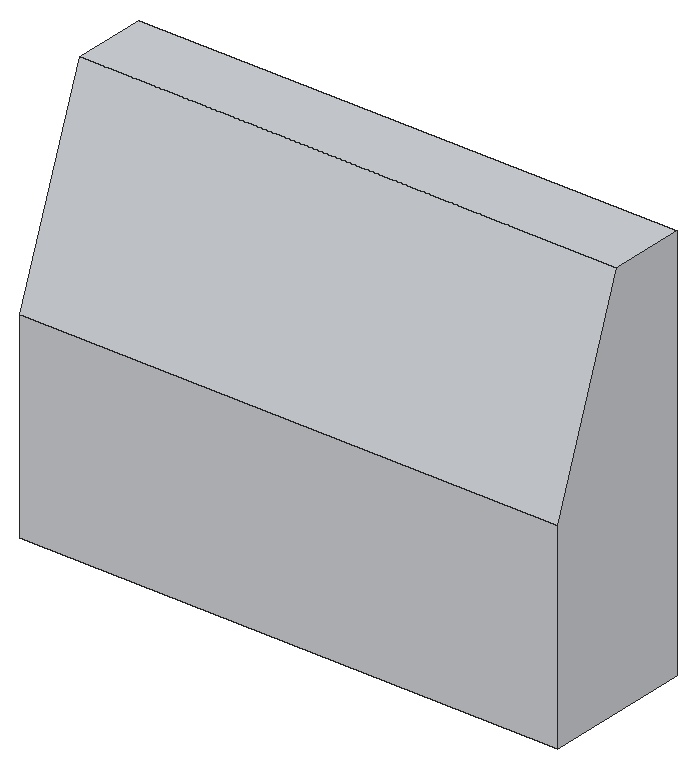
Revit family "01600-S", category Instalační zařizovací předměty, Revit 2016
Family settings
  Typ součásti = Normální
  Kóta kulaté spojky = Použít průměr
  Číslo OmniClass = 23.45.05.00
  Nadpis OmniClass = Sanitary Equipment
  Založené na pracovní rovině = Ne
  Vždy vertikální = Ano
  Ořezat dutým tvarem při načtení = Ne
  Sdílené = Ne
  Bod výpočtu místnosti = Ne
Parameters
  Warranty = "2"
  WIDTH = 363 mm
  WEIGHT = 4.00 kg
  Výrobce = "Nofer"
  Utility frequency = 0
  Surface finish = "Satin"
  Připojení ventilace = no
  Připojení odpadu = no
  Připojení HW = no
  Připojení CW = no
  Product URL link = "http://www.nofer.co.uk/en/collectives/handryers/thin/01600-S"
  Power supply = 0 V
  Power input = 2350 W
  Noise level = 69
  MATERIAL = none
  IP code = "IPX1"
  HEIGHT = 269 mm
  Electric class = "I"
  DEPTH = 100 mm
  Article number = "01600.S"
  Air temperature [°C] = 39 °C
  Air speed = 90.00 kg/m²
Reference planes
  plane 1 "Střed (vpředu/vzadu)": y = 0
  plane 2: z = 0
  plane 3 "Střed (vlevo/vpravo)": x = 0
  plane 4: z = 0
  plane 5: z = 269
  plane 6: y = -100
  plane 7: x = 181.5
  plane 8: x = -181.5
  plane 9: z = 134.5
  plane 10: y = -50
Forms (mm)
  Extrusion 1, solid, material <- "MATERIAL", detail levels medium+fine
    sketch origin (0, 0, 0) x (0, 1, 0) y (0, 0, 1)
      loop
        line (0, 269) -> (-50, 269) -> (-100, 134.5) -> (-100, 0) -> (0, 0) -> (0, 269)
    from -181.5 to 181.5
  Extrusion 2, solid, material <- "MATERIAL", detail levels coarse
    sketch origin (0, 0, 0) x (0, 1, 0) y (0, 0, 1)
      loop
        line (0, 269) -> (-100, 269) -> (-100, 0) -> (0, 0) -> (0, 269)
    from -181.5 to 181.5
Dimensions and locks
  equal spacing: plane 8, plane 3 "Střed (vlevo/vpravo)", plane 7
  "WIDTH": plane 8 to plane 7
  "DEPTH": plane 6 to plane 1 "Střed (vpředu/vzadu)"
  equal spacing: plane 5, plane 9, plane 4
  equal spacing: plane 1 "Střed (vpředu/vzadu)", plane 10, plane 6
  "DEPTH": plane 1 "Střed (vpředu/vzadu)" to plane 6
  "HEIGHT": plane 5 to level
  aligned and locked: level to plane 2
  aligned and locked: plane 5 to Extrusion 1 sketch curve
  aligned and locked: Extrusion 1 sketch curve to plane 1 "Střed (vpředu/vzadu)"
  aligned and locked: Extrusion 1 sketch curve to plane 4
  aligned and locked: Extrusion 1 sketch curve to plane 6
  aligned and locked: plane 10 to Extrusion 1 sketch curve
  aligned and locked: plane 9 to Extrusion 1 sketch curve
  aligned and locked: Extrusion 1 to plane 8
  aligned and locked: plane 7 to Extrusion 1
  aligned and locked: Extrusion 2 to plane 8
  aligned and locked: plane 7 to Extrusion 2
  aligned and locked: Extrusion 2 to level
Automatic sketch dimensions
  Extrusion 2 sketch curve to plane 5 = 0 mm
  Extrusion 2 sketch curve to plane 6 = 0 mm
  Extrusion 2 sketch curve to plane 1 "Střed (vpředu/vzadu)" = 0 mm
  level to Extrusion 2 sketch curve = 0 mm
